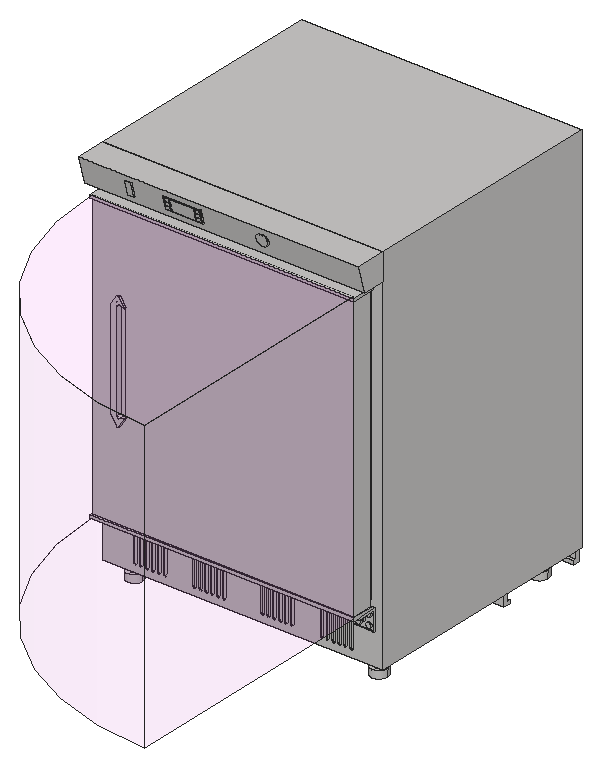
Revit family "QF_Kelvinator_738324_KCHUC23F", category Specialty Equipment, Revit 2021
Family settings
  Round Connector Dimension = Use Diameter
  Part Type = Normal
  Work Plane-Based = No
  Always vertical = Yes
  Cut with Voids When Loaded = No
  Shared = No
  Room Calculation Point = No
Parameters
  Weight in Pounds = 101.413
  Weight = 46.00 lbm
  Watts = 0 W
  Volts = 115 V
  URL Manufacturer = "KELVINATOR"
  URL Cutsheet = ""
  URL = "KELVINATOR"
  Specification by User = ""
  Specification by Manufacturer = ""
  Show Clearance [instance] = yes
  Serial Number = ""
  Seismic Rating = ""
  SMACNA No = ""
  Revision Code = ""
  Refrigerant Type = "R290"
  Phase = 1
  Number of Poles = 1
  NAFEM Spec ID Number = ""
  Model = "KCHUC23F"
  Min Ckt Ampacity = 0 A
  Max Overcurrent Protection = 0 A
  Masterspec = ""
  Manufacturer = "Kelvinator"
  Length Actual = 600"
  Length = 23.622"
  Item Number = "738324"
  Installed By = ""
  Identify Quantity as Lot = yes
  Height Actual = 839"
  Height = 33 1/16"
  HP = "0.3 HP"
  Gas KW = 0
  Furnished By = ""
  Foodservice Equipment Identifier = yes
  FL Amps = 2 A
  Electrical Remarks = ""
  Electric Connection Type = ""
  Elec Conn RI Height = 0"
  Elec Conn Connection Height = 0"
  Description = "1-SOLID DOOR ADA HEIGHT UNDER COUNTER FREEZER 24\" LONG"
  Depth Actual = 595"
  Depth = 23.425"
  Default Elevation = 0"
  Cycle = 60 Hz
  Conn Plug = "5-15P"
  Conn Conduit = yes
  CSI MasterFormat = ""
  Apparent Power = 0 VA
  Accessory = no
Reference planes (in)
  plane 1 "BACK": y = 0
  plane 2: z = 0
  plane 3 "LEFT": x = 0
  plane 4 "RIGHT": x = 23.622
  plane 5 "FRONT": y = -23.425
  plane 6 "TOP": z = 33.0625
  plane 7 "Center Y": x = 11.811
  plane 8 "Center X": y = -11.7125
Dimensions and locks (in)
  equal spacing: plane 3 "LEFT", plane 7 "Center Y", plane 4 "RIGHT"
  "Length": plane 3 "LEFT" to plane 4 "RIGHT"
  equal spacing: plane 5 "FRONT", plane 8 "Center X", plane 1 "BACK"
  "Depth": plane 5 "FRONT" to plane 1 "BACK"
  "Height": plane 6 "TOP" to level
  aligned and locked: level to plane 2
Nested families (in)
  nested 1: "KCHRI25R1DRE" at (0, 0, 0), Show Clearance <- "Show Clearance", type "KCHRI25R1DRE"
    with Show Clearance yes
Connectors (in)
  electrical at (11.8095, 0.13, 2.5), driven by "Volts", driven by "Watts"
    settings: on nested 1, index 1, voltage 115 V, apparent load 0 VA, apparent load phase1 0 VA, apparent load phase2 0 VA, apparent load phase3 0 VA, power factor 1, load classification "Other", number of poles 1, system type 30, power factor state 1, is connector primary yes, connector utility no, sub classification motor no, connector description ""
Definition of nested family "KCHRI25R1DRE"
  Parameters (values of type "KCHRI25R1DRE")
    Weight in Pounds = 0
    URL Cutsheet = ""
    Specification by User = ""
    Specification by Manufacturer = ""
    Show Clearance [instance] = yes
    Serial Number = ""
    Seismic Rating = ""
    SMACNA No = ""
    Revision Code = ""
    NAFEM Spec ID Number = ""
    Masterspec = ""
    Length = 23.622"
    Item Number = ""
    Installed By = ""
    Identify Quantity as Lot = yes
    Height = 33 1/32"
    Furnished By = ""
    Foodservice Equipment Identifier = yes
    Depth = 23.425"
    Default Elevation = 0"
    CSI MasterFormat = ""
  Reference planes (in)
    plane 1 "BACK": y = 0
    plane 2: z = 0
    plane 3 "LEFT": x = 0
    plane 4 "RIGHT": x = 23.622
    plane 5 "FRONT": y = -23.425
    plane 6 "TOP": z = 33.03125
    plane 7 "Center Y": x = 11.811
    plane 8 "Center X": y = -11.7125
    plane 9: y = -45.07
    plane 10: z = 30.79125
    plane 11: z = 2
    plane 12: y = -20.9
    plane 13: through (0, -24.04257, 35.33605) normal (0, 0.9659, 0.2588)
    plane 14: x = 23.625
    plane 15: y = -23.425
    plane 16: z = 33.0625
  Forms (in)
    Extrusion 1, solid
      sketch origin (0, 0, 0) x (0, 1, 0) y (0, 0, 1)
        loop
          line (-20.9, 33.0625) -> (-20.9, 1.5) -> (0, 1.5) -> (0, 33.0625) -> (-20.9, 33.0625)
      from 0 to 23.622
    Extrusion 2, solid
      sketch origin (0, -24.06683, 35.4266) x (0, -0.258819, 0.965926) y (1, 0, 0)
        loop
          line (-3.01321, 6.99599) -> (-3.01321, 10.1456) -> (-4.19431, 10.1456) -> (-4.19431, 6.99599) -> (-3.01321, 6.99599)
        loop
          line (-3.08986, 7.07473) -> (-3.08986, 7.46843) -> (-3.409, 7.46843) -> (-3.409, 7.07473) -> (-3.08986, 7.07473)
        loop
          line (-3.44419, 7.07473) -> (-3.44419, 7.46843) -> (-3.76333, 7.46843) -> (-3.76333, 7.07473) -> (-3.44419, 7.07473)
        loop
          line (-3.79852, 7.07473) -> (-3.79852, 7.46843) -> (-4.11766, 7.46843) -> (-4.11766, 7.07473) -> (-3.79852, 7.07473)
        loop
          line (-3.08986, 10.06686) -> (-3.409, 10.06686) -> (-3.409, 9.67316) -> (-3.08986, 9.67316) -> (-3.08986, 10.06686)
        loop
          line (-3.44419, 10.06686) -> (-3.76333, 10.06686) -> (-3.76333, 9.67316) -> (-3.44419, 9.67316) -> (-3.44419, 10.06686)
        loop
          line (-3.79852, 10.06686) -> (-4.11766, 10.06686) -> (-4.11766, 9.67316) -> (-3.79852, 9.67316) -> (-3.79852, 10.06686)
        loop
          line (-3.08986, 7.54592) -> (-3.08986, 9.59567) -> (-4.11377, 9.59567) -> (-4.11377, 7.54592) -> (-3.08986, 7.54592)
      from 0.07874 to -0.04602
    Extrusion 3, solid
      sketch origin (0, -24.06683, 35.4266) x (0, -0.258819, 0.965926) y (1, 0, 0)
        loop
          line (-3.08986, 9.67316) -> (-3.08986, 10.06686) -> (-3.409, 10.06686) -> (-3.409, 9.67316) -> (-3.08986, 9.67316)
        loop
          line (-3.44419, 9.67316) -> (-3.44419, 10.06686) -> (-3.76333, 10.06686) -> (-3.76333, 9.67316) -> (-3.44419, 9.67316)
        loop
          line (-3.79852, 9.67316) -> (-3.79852, 10.06686) -> (-4.11766, 10.06686) -> (-4.11766, 9.67316) -> (-3.79852, 9.67316)
        loop
          line (-3.08986, 7.46843) -> (-3.409, 7.46843) -> (-3.409, 7.07473) -> (-3.08986, 7.07473) -> (-3.08986, 7.46843)
        loop
          line (-3.44419, 7.46843) -> (-3.76333, 7.46843) -> (-3.76333, 7.07473) -> (-3.44419, 7.07473) -> (-3.44419, 7.46843)
        loop
          line (-3.79852, 7.46843) -> (-4.11766, 7.46843) -> (-4.11766, 7.07473) -> (-3.79852, 7.07473) -> (-3.79852, 7.46843)
      from 0 to -0.07874
    Extrusion 4, solid
      sketch origin (0, -24.06683, 35.4266) x (0, -0.258819, 0.965926) y (1, 0, 0)
        loop
          line (-3.08986, 7.54592) -> (-3.08986, 9.59567) -> (-4.11377, 9.59567) -> (-4.11377, 7.54592) -> (-3.08986, 7.54592)
      from 0 to -0.07874
    Extrusion 5, void
      sketch origin (0, -24.06683, 35.4266) x (0, 0.258819, -0.965926) y (1, 0, 0)
        loop
          line (3.01321, 6.99599) -> (4.19431, 6.99599) -> (4.19431, 10.1456) -> (3.01321, 10.1456) -> (3.01321, 6.99599)
      from 0 to -0.07874
    Extrusion 6, solid
      sketch origin (0, 0, -4.4425) x (0, 1, 0) y (0, 0, 1)
        loop
          line (-20.9, 37.505) -> (-23.43337, 37.505) -> (-22.82479, 35.23375) -> (-20.9, 35.23375) -> (-20.9, 37.505)
      from 0 to 23.625
    Extrusion 7, solid
      sketch origin (0, -24.06683, 35.4266) x (0, -0.258819, 0.965926) y (1, 0, 0)
        loop
          line (-2.96796, 3.80686) -> (-2.96796, 4.30686) -> (-4.21796, 4.30686) -> (-4.21796, 3.80686) -> (-2.96796, 3.80686)
        loop
          circle (-3.51997, 15.27975) r 0.5
      from -0.07874 to 0
    Extrusion 8, void
      sketch origin (0, -20.9, 1.75) x (0, 0, -1) y (-1, 0, 0)
        loop
          line (-0.5, -2.59375) -> (-3.3125, -2.59375)
          arc (-3.3125, -2.59375) -> (-3.4751, -2.75635) -> (-3.3125, -2.91894) r 0.1626
          line (-3.3125, -2.91894) -> (-0.5, -2.91894)
          arc (-0.5, -2.91894) -> (-0.3374, -2.75635) -> (-0.5, -2.59375) r 0.1626
        loop
          line (-0.5, -3.09225) -> (-3.3125, -3.09225)
          arc (-3.3125, -3.09225) -> (-3.47585, -3.2556) -> (-3.3125, -3.41894) r 0.16335
          line (-3.3125, -3.41894) -> (-0.5, -3.41894)
          arc (-0.5, -3.41894) -> (-0.33665, -3.2556) -> (-0.5, -3.09225) r 0.16335
        loop
          line (-0.5, -3.59225) -> (-3.3125, -3.59225)
          arc (-3.3125, -3.59225) -> (-3.47585, -3.7556) -> (-3.3125, -3.91894) r 0.16335
          line (-3.3125, -3.91894) -> (-0.5, -3.91894)
          arc (-0.5, -3.91894) -> (-0.33665, -3.7556) -> (-0.5, -3.59225) r 0.16335
        loop
          line (-0.5, -4.09225) -> (-3.3125, -4.09225)
          arc (-3.3125, -4.09225) -> (-3.47585, -4.2556) -> (-3.3125, -4.41894) r 0.16335
          line (-3.3125, -4.41894) -> (-0.5, -4.41894)
          arc (-0.5, -4.41894) -> (-0.33665, -4.2556) -> (-0.5, -4.09225) r 0.16335
        loop
          line (-0.5, -4.59225) -> (-3.3125, -4.59225)
          arc (-3.3125, -4.59225) -> (-3.47585, -4.7556) -> (-3.3125, -4.91894) r 0.16335
          line (-3.3125, -4.91894) -> (-0.5, -4.91894)
          arc (-0.5, -4.91894) -> (-0.33665, -4.7556) -> (-0.5, -4.59225) r 0.16335
        loop
          line (-0.5, -5.09225) -> (-3.3125, -5.09225)
          arc (-3.3125, -5.09225) -> (-3.47585, -5.2556) -> (-3.3125, -5.41894) r 0.16335
          line (-3.3125, -5.41894) -> (-0.5, -5.41894)
          arc (-0.5, -5.41894) -> (-0.33665, -5.2556) -> (-0.5, -5.09225) r 0.16335
        loop
          line (-0.5, -7.59225) -> (-3.3125, -7.59225)
          arc (-3.3125, -7.59225) -> (-3.47585, -7.7556) -> (-3.3125, -7.91894) r 0.16335
          line (-3.3125, -7.91894) -> (-0.5, -7.91894)
          arc (-0.5, -7.91894) -> (-0.33665, -7.7556) -> (-0.5, -7.59225) r 0.16335
        loop
          line (-0.5, -8.09225) -> (-3.3125, -8.09225)
          arc (-3.3125, -8.09225) -> (-3.47585, -8.2556) -> (-3.3125, -8.41894) r 0.16335
          line (-3.3125, -8.41894) -> (-0.5, -8.41894)
          arc (-0.5, -8.41894) -> (-0.33665, -8.2556) -> (-0.5, -8.09225) r 0.16335
        loop
          line (-0.5, -8.59225) -> (-3.3125, -8.59225)
          arc (-3.3125, -8.59225) -> (-3.47585, -8.7556) -> (-3.3125, -8.91894) r 0.16335
          line (-3.3125, -8.91894) -> (-0.5, -8.91894)
          arc (-0.5, -8.91894) -> (-0.33665, -8.7556) -> (-0.5, -8.59225) r 0.16335
        loop
          line (-0.5, -9.09225) -> (-3.3125, -9.09225)
          arc (-3.3125, -9.09225) -> (-3.47585, -9.2556) -> (-3.3125, -9.41894) r 0.16335
          line (-3.3125, -9.41894) -> (-0.5, -9.41894)
          arc (-0.5, -9.41894) -> (-0.33665, -9.2556) -> (-0.5, -9.09225) r 0.16335
        loop
          line (-0.5, -9.59225) -> (-3.3125, -9.59225)
          arc (-3.3125, -9.59225) -> (-3.47585, -9.7556) -> (-3.3125, -9.91894) r 0.16335
          line (-3.3125, -9.91894) -> (-0.5, -9.91894)
          arc (-0.5, -9.91894) -> (-0.33665, -9.7556) -> (-0.5, -9.59225) r 0.16335
        loop
          line (-0.5, -10.09225) -> (-3.3125, -10.09225)
          arc (-3.3125, -10.09225) -> (-3.47585, -10.2556) -> (-3.3125, -10.41894) r 0.16335
          line (-3.3125, -10.41894) -> (-0.5, -10.41894)
          arc (-0.5, -10.41894) -> (-0.33665, -10.2556) -> (-0.5, -10.09225) r 0.16335
        loop
          arc (-0.5, -21.15475) -> (-0.33665, -20.9914) -> (-0.5, -20.82806) r 0.16335
          line (-0.5, -20.82806) -> (-3.3125, -20.82806)
          arc (-3.3125, -20.82806) -> (-3.47585, -20.9914) -> (-3.3125, -21.15475) r 0.16335
          line (-3.3125, -21.15475) -> (-0.5, -21.15475)
        loop
          arc (-0.5, -20.65475) -> (-0.33665, -20.4914) -> (-0.5, -20.32806) r 0.16335
          line (-0.5, -20.32806) -> (-3.3125, -20.32806)
          arc (-3.3125, -20.32806) -> (-3.47585, -20.4914) -> (-3.3125, -20.65475) r 0.16335
          line (-3.3125, -20.65475) -> (-0.5, -20.65475)
        loop
          arc (-0.5, -20.15475) -> (-0.33665, -19.9914) -> (-0.5, -19.82806) r 0.16335
          line (-0.5, -19.82806) -> (-3.3125, -19.82806)
          arc (-3.3125, -19.82806) -> (-3.47585, -19.9914) -> (-3.3125, -20.15475) r 0.16335
          line (-3.3125, -20.15475) -> (-0.5, -20.15475)
        loop
          arc (-0.5, -19.65475) -> (-0.33665, -19.4914) -> (-0.5, -19.32806) r 0.16335
          line (-0.5, -19.32806) -> (-3.3125, -19.32806)
          arc (-3.3125, -19.32806) -> (-3.47585, -19.4914) -> (-3.3125, -19.65475) r 0.16335
          line (-3.3125, -19.65475) -> (-0.5, -19.65475)
        loop
          arc (-0.5, -19.15475) -> (-0.33665, -18.9914) -> (-0.5, -18.82806) r 0.16335
          line (-0.5, -18.82806) -> (-3.3125, -18.82806)
          arc (-3.3125, -18.82806) -> (-3.47585, -18.9914) -> (-3.3125, -19.15475) r 0.16335
          line (-3.3125, -19.15475) -> (-0.5, -19.15475)
        loop
          arc (-0.5, -18.65475) -> (-0.33665, -18.4914) -> (-0.5, -18.32806) r 0.16335
          line (-0.5, -18.32806) -> (-3.3125, -18.32806)
          arc (-3.3125, -18.32806) -> (-3.47585, -18.4914) -> (-3.3125, -18.65475) r 0.16335
          line (-3.3125, -18.65475) -> (-0.5, -18.65475)
        loop
          arc (-0.5, -16.15475) -> (-0.33665, -15.9914) -> (-0.5, -15.82806) r 0.16335
          line (-0.5, -15.82806) -> (-3.3125, -15.82806)
          arc (-3.3125, -15.82806) -> (-3.47585, -15.9914) -> (-3.3125, -16.15475) r 0.16335
          line (-3.3125, -16.15475) -> (-0.5, -16.15475)
        loop
          arc (-0.5, -15.65475) -> (-0.33665, -15.4914) -> (-0.5, -15.32806) r 0.16335
          line (-0.5, -15.32806) -> (-3.3125, -15.32806)
          arc (-3.3125, -15.32806) -> (-3.47585, -15.4914) -> (-3.3125, -15.65475) r 0.16335
          line (-3.3125, -15.65475) -> (-0.5, -15.65475)
        loop
          arc (-0.5, -15.15475) -> (-0.33665, -14.9914) -> (-0.5, -14.82806) r 0.16335
          line (-0.5, -14.82806) -> (-3.3125, -14.82806)
          arc (-3.3125, -14.82806) -> (-3.47585, -14.9914) -> (-3.3125, -15.15475) r 0.16335
          line (-3.3125, -15.15475) -> (-0.5, -15.15475)
        loop
          arc (-0.5, -14.65475) -> (-0.33665, -14.4914) -> (-0.5, -14.32806) r 0.16335
          line (-0.5, -14.32806) -> (-3.3125, -14.32806)
          arc (-3.3125, -14.32806) -> (-3.47585, -14.4914) -> (-3.3125, -14.65475) r 0.16335
          line (-3.3125, -14.65475) -> (-0.5, -14.65475)
        loop
          arc (-0.5, -14.15475) -> (-0.33665, -13.9914) -> (-0.5, -13.82806) r 0.16335
          line (-0.5, -13.82806) -> (-3.3125, -13.82806)
          arc (-3.3125, -13.82806) -> (-3.47585, -13.9914) -> (-3.3125, -14.15475) r 0.16335
          line (-3.3125, -14.15475) -> (-0.5, -14.15475)
        loop
          arc (-0.5, -13.65475) -> (-0.33665, -13.4914) -> (-0.5, -13.32806) r 0.16335
          line (-0.5, -13.32806) -> (-3.3125, -13.32806)
          arc (-3.3125, -13.32806) -> (-3.47585, -13.4914) -> (-3.3125, -13.65475) r 0.16335
          line (-3.3125, -13.65475) -> (-0.5, -13.65475)
      from 0 to 0.03
    Extrusion 9, solid
      sketch origin (0, 0, 0) x (0, 1, 0) y (0, 0, 1)
        loop
          line (-0.25, 1.5) -> (-0.55, 1.5) -> (-0.55, 0.9) -> (-0.85, 0.9) -> (-0.85, 0.6) -> (-0.25, 0.6) -> (-0.25, 1.5)
        loop
          line (-8.14417, 1.5) -> (-8.14417, 0.6) -> (-7.54417, 0.6) -> (-7.54417, 0.9) -> (-7.84417, 0.9) -> (-7.84417, 1.5) -> (-8.14417, 1.5)
      from 0 to 23.622
    Extrusion 10, solid
      sketch origin (11.811, 6.90541, 48.75) x (0, 1, 0) y (0, 0, 1)
        loop
          line (-28.19541, -18.96875) -> (-28.19541, -42.37723) -> (-27.80541, -42.37723) -> (-27.80541, -18.96875) -> (-28.19541, -18.96875)
      from -10.75 to 10.75
    Extrusion 11, solid
      sketch origin (23.225, -180, 5.74631) x (0, 0, 1) y (0, -1, 0)
        loop
          arc (0.13369, -157.44253) -> (0.06869, -157.37753) -> (0.00369, -157.44253) r 0.065
          line (0.00369, -157.44253) -> (0.00369, -158.97) -> (-1.53049, -158.97)
          arc (-1.53049, -158.97) -> (-1.59549, -159.035) -> (-1.53049, -159.1) r 0.065
          line (-1.53049, -159.1) -> (0.13369, -159.1) -> (0.13369, -157.44253)
      from -0.28875 to -1.93696
    Extrusion 12, solid
      sketch origin (23.225, -21.03, 5.88) x (0, 0, -1) y (1, 0, 0)
        loop
          circle (0.48805, -0.65854) r 0.19641
        loop
          circle (0.48805, -1.51195) r 0.2
        loop
          circle (1.33739, -0.65854) r 0.2
        loop
          circle (1.33739, -1.51195) r 0.2
        loop
          line (1.13, -1.16094) -> (1.13, -1.06477) -> (0.13, -1.06477) -> (0.13, -1.16094) -> (1.13, -1.16094)
      from 0 to 0.0825
    Extrusion 13, solid
      sketch origin (0, -20.9, 2.25) x (0, 0, 1) y (-1, 0, 0)
        loop
          circle (3.14195, -1.05854) r 0.19641
        loop
          circle (3.14195, -1.91195) r 0.2
        loop
          circle (2.29261, -1.05854) r 0.2
        loop
          circle (2.29261, -1.91195) r 0.2
      from 0 to 0.0825
    Revolve 14, solid
      sketch origin (0, -19.42, 1.5) x (0, 0, 1) y (1, 0, 0)
        loop
          line (0, 22.122) -> (0, 22.4345) -> (-0.9, 22.4345) -> (-0.9, 22.8095) -> (-1.5, 22.8095) -> (-1.5, 22.122) -> (0, 22.122)
        axis (-1.5, 22.122) -> (0, 22.122)
      angle from 0 to 360
    Revolve 15, solid
      sketch origin (23.625, -19.42, 1.5) x (0, 0, 1) y (1, 0, 0)
        loop
          line (0, -22.125) -> (-1.5, -22.125) -> (-1.5, -22.8125) -> (-0.9, -22.8125) -> (-0.9, -22.4375) -> (0, -22.4375) -> (0, -22.125)
        axis (-1.5, -22.125) -> (0, -22.125)
      angle from 0 to 360
    Revolve 16, solid
      sketch origin (0, -2.5, 1.5) x (0, 0, 1) y (-1, 0, 0)
        loop
          line (0, -22.122) -> (-1.5, -22.122) -> (-1.5, -22.8095) -> (-0.9, -22.8095) -> (-0.9, -22.4345) -> (0, -22.4345) -> (0, -22.122)
        axis (-1.5, -22.122) -> (0, -22.122)
      angle from 0 to 360
    Revolve 17, solid
      sketch origin (23.625, -2.5, 1.5) x (0, 0, 1) y (-1, 0, 0)
        loop
          line (0, 22.125) -> (0, 22.4375) -> (-0.9, 22.4375) -> (-0.9, 22.8125) -> (-1.5, 22.8125) -> (-1.5, 22.125) -> (0, 22.125)
        axis (-1.5, 22.125) -> (0, 22.125)
      angle from 0 to 360
    Extrusion 18, solid
      sketch origin (0, 0, 33.03125) x (0, 0, -1) y (-1, 0, 0)
        loop
          circle (30.53125, -11.8095) r 0.25
      from 0 to 0.13
  Cuts and joins
    Extrusion 5 cuts Extrusion 2
    Extrusion 8 cuts Extrusion 6
    Extrusion 8 cuts Extrusion 1
  Lines and regions (in)
    symbolic lines
      curve 1: line (0, -23.425, 0) -> (0, 0, 0)
      curve 2: line (23.622, 0, 0) -> (0, 0, 0)
      curve 3: line (23.622, -23.425, 0) -> (23.622, 0, 0)
      curve 4: line (23.622, -20.9, 0) -> (0, -20.9, 0)
      curve 5: line (0, -23.425, 0) -> (23.622, -23.425, 0)
      curve 6: line (3.80686, -23.485, 0) -> (4.30686, -23.485, 0)
      curve 7: line (4.30686, -23.485, 0) -> (4.30686, -23.425, 0)
      curve 8: line (3.80686, -23.485, 0) -> (3.80686, -23.425, 0)
      curve 9: line (6.65374, -23.47102, 0) -> (9.80185, -23.47102, 0)
      curve 10: line (9.80185, -23.47102, 0) -> (9.80185, -23.425, 0)
      curve 11: line (6.65374, -23.47102, 0) -> (6.65374, -23.425, 0)
      curve 12: line (11.311, -23.485, 0) -> (12.311, -23.485, 0)
      curve 13: line (12.311, -23.485, 0) -> (12.311, -23.425, 0)
      curve 14: line (11.311, -23.485, 0) -> (11.311, -23.425, 0)
  Dimensions and locks (in)
    equal spacing: plane 3 "LEFT", plane 7 "Center Y", plane 4 "RIGHT"
    "Length": plane 3 "LEFT" to plane 4 "RIGHT"
    equal spacing: plane 5 "FRONT", plane 8 "Center X", plane 1 "BACK"
    "Depth": plane 5 "FRONT" to plane 1 "BACK"
    "Height": plane 6 "TOP" to level
    plane 9 to plane 1 "BACK" = 45.07"
    plane 6 "TOP" to level = 33 1/32"
    plane 3 "LEFT" to plane 4 "RIGHT" = 23.622"
    plane 5 "FRONT" to plane 1 "BACK" = 23.425"
    plane 12 to plane 1 "BACK" = 20.9"
    plane 3 "LEFT" to plane 14 = 23 5/8"
    plane 1 "BACK" to plane 15 = 23.425"
    plane 16 to level = 33 1/16"
    aligned and locked: level to plane 2
    aligned and locked: Extrusion 9 to plane 4 "RIGHT"
    aligned and locked: plane 13 to cut or joined group of Extrusion 6, Extrusion 8
  Automatic sketch dimensions
    Extrusion 1 sketch curve to plane 12 = 0"
    Extrusion 1 sketch curve to plane 1 "BACK" = 0"
    plane 6 "TOP" to Extrusion 1 sketch curve = 1/32"
    level to Extrusion 1 sketch curve = 1 1/2"
    Extrusion 2 sketch curve to plane 7 "Center Y" = 4.81501"
    Extrusion 2 sketch curve to Extrusion 2 sketch curve = 0.07665"  (x3)
    Extrusion 2 sketch curve to Extrusion 2 sketch curve = 1/256"
    Extrusion 2 sketch curve to Extrusion 2 sketch curve = 0.31914"  (x6)
    Extrusion 2 sketch curve to Extrusion 2 sketch curve = 0.03519"  (x4)
    Extrusion 2 sketch curve to Extrusion 2 sketch curve = 0"  (x7)
    Extrusion 2 sketch curve to Extrusion 2 sketch curve = 0.07874"  (x3)
    Extrusion 2 sketch curve to Extrusion 2 sketch curve = 0.3937"  (x2)
    Extrusion 2 sketch curve to Extrusion 2 sketch curve = 0.07748"  (x3)
    Extrusion 2 sketch curve to Extrusion 2 sketch curve = 2.04976"
    Extrusion 3 sketch curve to plane 7 "Center Y" = 4.73627"
    Extrusion 3 sketch curve to Extrusion 3 sketch curve = 0"  (x9)
    Extrusion 3 sketch curve to Extrusion 3 sketch curve = 0.31914"  (x6)
    Extrusion 3 sketch curve to Extrusion 3 sketch curve = 0.03519"  (x4)
    Extrusion 3 sketch curve to Extrusion 3 sketch curve = 0.3937"  (x2)
    Extrusion 3 sketch curve to plane 7 "Center Y" = 2.13784"
    Extrusion 4 sketch curve to plane 7 "Center Y" = 4.26508"
    Extrusion 4 sketch curve to Extrusion 4 sketch curve = 1.02391"
    Extrusion 4 sketch curve to Extrusion 4 sketch curve = 2.04976"
    Extrusion 5 sketch curve to plane 7 "Center Y" = 1.6654"
    Extrusion 5 sketch curve to Extrusion 5 sketch curve = 1.1811"
    Extrusion 5 sketch curve to Extrusion 5 sketch curve = 3.14961"
    plane 3 "LEFT" to Extrusion 7 sketch curve = 4.30686"
    plane 7 "Center Y" to Extrusion 7 sketch curve = 3 15/32"
    Extrusion 7 sketch curve to Extrusion 7 sketch curve = 0.69799"
    Extrusion 7 sketch curve to Extrusion 7 sketch curve = 1 1/4"
    Extrusion 7 sketch curve to Extrusion 7 sketch curve = 1/2"
    plane 3 "LEFT" to Extrusion 8 sketch curve = 2 19/32"
    level to Extrusion 8 sketch curve = 5 1/16"  (x2)
    plane 7 "Center Y" to Extrusion 8 sketch curve = 1.6804"
    Extrusion 8 sketch curve to Extrusion 8 sketch curve = 0"  (x42)
    Extrusion 8 sketch curve to Extrusion 8 sketch curve = 2 13/16"  (x4)
    Extrusion 8 sketch curve to Extrusion 8 sketch curve = 0.16335"  (x23)
    Extrusion 8 sketch curve to Extrusion 8 sketch curve = 0.17331"  (x20)
    Extrusion 8 sketch curve to Extrusion 8 sketch curve = 2.17331"  (x2)
    Extrusion 8 sketch curve to plane 7 "Center Y" = 1.39206"
    level to Extrusion 9 sketch curve = 1 1/2"  (x2)
    plane 8 "Center X" to Extrusion 9 sketch curve = 3.56833"
    Extrusion 9 sketch curve to Extrusion 9 sketch curve = 0.3"  (x5)
    plane 1 "BACK" to Extrusion 9 sketch curve = 0.85"
    plane 1 "BACK" to Extrusion 9 sketch curve = 1/4"
    Extrusion 9 sketch curve to Extrusion 9 sketch curve = 0.6"  (x2)
    Extrusion 10 sketch curve to plane 12 = 0"
    Extrusion 10 sketch curve to Extrusion 10 sketch curve = 0.39"
    level to Extrusion 10 sketch curve = 6.37277"
    Extrusion 10 sketch curve to plane 6 "TOP" = 3 1/4"
    Extrusion 11 sketch curve to plane 12 = 0"
    Extrusion 11 sketch curve to plane 12 = 0.13"
    level to Extrusion 11 sketch curve = 4.21581"
    Extrusion 11 sketch curve to Extrusion 11 sketch curve = 1.53419"
    Extrusion 11 sketch curve to Extrusion 11 sketch curve = 0.065"
    Extrusion 11 sketch curve to plane 5 "FRONT" = 0.86753"
    Extrusion 12 sketch curve to Extrusion 11 = 0"
    Extrusion 11 to Extrusion 12 sketch curve = 0.35805"  (x2)
    Extrusion 12 sketch curve to Extrusion 11 = 0.53419"
    Extrusion 12 sketch curve to Extrusion 11 = 0.3268"  (x2)
    Extrusion 11 to Extrusion 12 sketch curve = 0.42502"  (x2)
    Extrusion 12 sketch curve to Extrusion 12 sketch curve = 0.351"
    Extrusion 12 sketch curve to Extrusion 12 sketch curve = 0.09617"
    Extrusion 11 to Extrusion 12 sketch curve = 0.36979"  (x2)
    Extrusion 1 to Extrusion 13 sketch curve = 1.05854"
    Extrusion 13 sketch curve to Extrusion 1 = 3.04261"
    Extrusion 13 sketch curve to Extrusion 13 sketch curve = 0"  (x3)
    Extrusion 13 sketch curve to Extrusion 13 sketch curve = 0.84934"  (x2)
    Extrusion 13 sketch curve to Extrusion 13 sketch curve = 0.8534"
    Revolve 14 sketch curve to level = 0"  (x2)
    level to Revolve 14 sketch curve = 0.6"
    Revolve 14 sketch curve to Revolve 14 sketch curve = 0.9"
    plane 4 "RIGHT" to Revolve 14 sketch curve = 1 1/2"
    Revolve 14 sketch curve to Revolve 14 sketch curve = 5/16"
    Revolve 14 sketch curve to Revolve 14 sketch curve = 11/16"
    Revolve 14 sketch curve to Revolve 14 sketch curve = 0.36907"
    Revolve 14 sketch curve to Revolve 14 sketch curve = 0"
    Revolve 15 sketch curve to level = 0"  (x2)
    level to Revolve 15 sketch curve = 0.6"
    Revolve 15 sketch curve to Revolve 15 sketch curve = 0.9"
    plane 3 "LEFT" to Revolve 15 sketch curve = 13/16"
    Revolve 15 sketch curve to Revolve 15 sketch curve = 3/8"
    Revolve 15 sketch curve to Revolve 15 sketch curve = 5/16"
    Revolve 15 sketch curve to Revolve 15 sketch curve = 0.36907"
    Revolve 15 sketch curve to Revolve 15 sketch curve = 0"
    Revolve 16 sketch curve to level = 0"  (x2)
    level to Revolve 16 sketch curve = 0.6"
    Revolve 16 sketch curve to Revolve 16 sketch curve = 0.9"
    plane 4 "RIGHT" to Revolve 16 sketch curve = 13/16"
    Revolve 16 sketch curve to Revolve 16 sketch curve = 3/8"
    Revolve 16 sketch curve to Revolve 16 sketch curve = 5/16"
    Revolve 16 sketch curve to Revolve 16 sketch curve = 0.36907"
    Revolve 16 sketch curve to Revolve 16 sketch curve = 0"
    Revolve 17 sketch curve to level = 0"  (x2)
    level to Revolve 17 sketch curve = 0.6"
    Revolve 17 sketch curve to Revolve 17 sketch curve = 0.9"
    plane 3 "LEFT" to Revolve 17 sketch curve = 1 1/2"
    Revolve 17 sketch curve to Revolve 17 sketch curve = 5/16"
    Revolve 17 sketch curve to Revolve 17 sketch curve = 11/16"
    Revolve 17 sketch curve to Revolve 17 sketch curve = 0.36907"
    Revolve 17 sketch curve to Revolve 17 sketch curve = 0"
    plane 1 "BACK" to curve 1 = 0"
    curve 1 to plane 3 "LEFT" = 0"
    plane 5 "FRONT" to curve 8 = 0"
    curve 3 to plane 4 "RIGHT" = 0"
    curve 4 to plane 12 = 0"
    plane 5 "FRONT" to curve 6 = 0.06"
    plane 3 "LEFT" to curve 6 = 3.80686"
    curve 6 to curve 7 = 1/2"
    plane 5 "FRONT" to curve 9 = 0.04602"
    curve 6 to curve 9 = 2.34688"
    curve 10 to plane 7 "Center Y" = 2.00915"
    plane 5 "FRONT" to curve 14 = 0.06"
    curve 14 to plane 7 "Center Y" = 1/2"
    plane 7 "Center Y" to curve 13 = 1/2"
    plane 5 "FRONT" to Extrusion 6 sketch curve = 0.00837"
    Extrusion 6 sketch curve to plane 10 = 0"
    plane 6 "TOP" to Extrusion 6 sketch curve = 1/32"
    Extrusion 6 sketch curve to plane 12 = 0"
    Extrusion 6 sketch curve to plane 5 "FRONT" = 0.60021"
    Extrusion 1 to Extrusion 18 sketch curve = 1"
    Extrusion 1 to Extrusion 18 sketch curve = 11 13/16"
    radius of Extrusion 7 sketch curve = 1/2"
    radius of Extrusion 12 sketch curve = 0.19641"
    radius of Extrusion 12 sketch curve = 0.2"  (x3)
    radius of Extrusion 13 sketch curve = 0.19641"
    radius of Extrusion 13 sketch curve = 0.2"  (x3)
    radius of Extrusion 18 sketch curve = 1/4"
  Nested families (in)
    nested 1: "Family4" at (0.7825, -21.29, 5.88), Show Clearance <- "Show Clearance", type "Family4"
  Definition of nested family "Family4"
    Parameters (values of type "Family4")
      Weight in Pounds = 0
      URL Cutsheet = ""
      Specification by User = ""
      Specification by Manufacturer = ""
      Show Clearance [instance] = yes
      Serial Number = ""
      Seismic Rating = ""
      SMACNA No = ""
      Revision Code = ""
      NAFEM Spec ID Number = ""
      Masterspec = ""
      Length = 22.06"
      Item Number = ""
      Installed By = ""
      Identify Quantity as Lot = yes
      Height = 24 51/128"
      Furnished By = ""
      Foodservice Equipment Identifier = yes
      Depth = 1.72"
      Default Elevation = 0"
      CSI MasterFormat = ""
    Reference planes (in)
      plane 1 "BACK": y = 0
      plane 2: z = 0
      plane 3 "LEFT": x = 0
      plane 4 "RIGHT": x = 22.06
      plane 5 "FRONT": y = -1.72
      plane 6 "TOP": z = 24.39844
      plane 7 "Center Y": x = 11.03
      plane 8 "Center X": y = -0.86
      plane 9: y = -2.27
    Forms (in)
      Extrusion 1, solid
        sketch origin (0, 0, 0) x (1, 0, 0) y (0, 0, 1)
          loop
            line (0, 24.39844) -> (0, 0) -> (22.06, 0) -> (22.06, 24.39844) -> (0, 24.39844)
        from 0 to 1.72
      Extrusion 2, void
        sketch origin (0, -1.72, -17.62578) x (-1, 0, 0) y (0, 0, 1)
          loop
            line (-1.94791, 26.10318) -> (-1.94791, 34.45318) -> (-2.28604, 34.99418)
            arc (-2.28604, 34.99418) -> (-2.38541, 35.04926) -> (-2.48479, 34.99418) r 0.11719
            line (-2.48479, 34.99418) -> (-2.82291, 34.45318) -> (-2.82291, 26.10318) -> (-2.48621, 25.56446)
            arc (-2.48621, 25.56446) -> (-2.38541, 25.50859) -> (-2.28462, 25.56446) r 0.11887
            line (-2.28462, 25.56446) -> (-1.94791, 26.10318)
        from 0 to 0.31887
      Extrusion 3, solid
        sketch origin (-10.88143, -0.86, 48) x (-1, 0, 0) y (0, 0, 1)
          loop
            line (-10.78768, -23.60156) -> (-33.03518, -23.60156) -> (-33.03518, -23.85156) -> (-10.78768, -23.85156) -> (-10.78768, -23.60156)
          loop
            line (-10.78768, -48) -> (-10.78768, -47.75) -> (-33.03518, -47.75) -> (-33.03518, -48) -> (-10.78768, -48)
        from -1 to 1
      Extrusion 4, solid
        sketch origin (0, -1.40113, -17.62578) x (1, 0, 0) y (0, 0, 1)
          loop
            arc (2.35979, 35.19418) -> (2.26041, 35.24926) -> (2.16104, 35.19418) r 0.11719
            line (2.16104, 35.19418) -> (1.69791, 34.45318) -> (1.69791, 26.10316) -> (2.15961, 25.36448)
            arc (2.15961, 25.36448) -> (2.26037, 25.30863) -> (2.36114, 25.36447) r 0.11884
            line (2.36114, 25.36447) -> (2.82291, 26.10316) -> (2.33995, 25.97375) -> (2.16317, 26.15053) -> (2.16317, 34.40581) -> (2.33995, 34.58259) -> (2.82291, 34.45318) -> (2.35979, 35.19418)
        from 0 to 0.45887
      Extrusion 5, solid, visible <- "Show Clearance"
        sketch origin (0, 0, 0) x (1, 0, 0) y (0, 1, 0)
          loop
            arc (0, -1.72) -> (6.46122, -17.31878) -> (22.06, -23.78) r 22.06
            line (22.06, -23.78) -> (22.06, -1.72) -> (0, -1.72)
        from 0 to 24.39844
    Cuts and joins
      Extrusion 2 cuts Extrusion 1
      joined: Extrusion 1, Extrusion 3
    Lines and regions (in)
      symbolic lines, visible <- "Show Clearance"
        curve 1: arc (0.00686, -2.27, 0) -> (0.86335, -7.83111, 0) -> (3.09883, -12.99465, 0) r 22.06
        curve 2: line (21.13504, -2.27, 0) -> (3.09883, -12.99465, 0)
    Dimensions and locks (in)
      equal spacing: plane 3 "LEFT", plane 7 "Center Y", plane 4 "RIGHT"
      "Length": plane 3 "LEFT" to plane 4 "RIGHT"
      equal spacing: plane 5 "FRONT", plane 8 "Center X", plane 1 "BACK"
      "Depth": plane 5 "FRONT" to plane 1 "BACK"
      "Height": plane 6 "TOP" to level
      plane 4 "RIGHT" to plane 3 "LEFT" = 22.06"
      plane 5 "FRONT" to plane 1 "BACK" = 1.72"
      aligned and locked: level to plane 2
    Automatic sketch dimensions
      Extrusion 1 sketch curve to level = 0"
      Extrusion 1 sketch curve to plane 3 "LEFT" = 0"
      plane 4 "RIGHT" to Extrusion 1 sketch curve = 0"
      Extrusion 1 sketch curve to plane 6 "TOP" = 0"
      Extrusion 2 sketch curve to Extrusion 1 = 1.94791"
      Extrusion 2 sketch curve to Extrusion 2 sketch curve = 0.3367"  (x2)
      Extrusion 2 sketch curve to Extrusion 2 sketch curve = 0.33813"
      Extrusion 2 sketch curve to Extrusion 2 sketch curve = 0.1008"  (x2)
      Extrusion 2 sketch curve to Extrusion 2 sketch curve = 0.09937"  (x2)
      Extrusion 2 sketch curve to Extrusion 1 = 7.93868"
      Extrusion 2 sketch curve to Extrusion 2 sketch curve = 0.063"
      Extrusion 2 sketch curve to Extrusion 2 sketch curve = 0.53872"  (x2)
      Extrusion 2 sketch curve to Extrusion 2 sketch curve = 8.35"
      Extrusion 2 sketch curve to Extrusion 2 sketch curve = 0"
      Extrusion 2 sketch curve to Extrusion 2 sketch curve = 0.47889"
      Extrusion 2 sketch curve to Extrusion 2 sketch curve = 0.06211"
      Extrusion 3 sketch curve to plane 6 "TOP" = 0"
      Extrusion 3 sketch curve to level = 0"
      Extrusion 3 sketch curve to plane 4 "RIGHT" = 3/32"  (x2)
      Extrusion 3 sketch curve to plane 3 "LEFT" = 3/32"  (x2)
      level to Extrusion 3 sketch curve = 1/4"
      Extrusion 3 sketch curve to Extrusion 3 sketch curve = 1/4"
      Extrusion 2 to Extrusion 4 sketch curve = 0"  (x2)
      Extrusion 4 sketch curve to Extrusion 2 = 0"  (x2)
      Extrusion 2 to Extrusion 4 sketch curve = 0.41323"
      Extrusion 2 to Extrusion 4 sketch curve = 0.41187"
      Extrusion 2 to Extrusion 4 sketch curve = 0.39204"  (x2)
      Extrusion 4 sketch curve to Extrusion 4 sketch curve = 0.09937"  (x2)
      Extrusion 4 sketch curve to Extrusion 4 sketch curve = 0.10077"  (x2)
      Extrusion 2 to Extrusion 4 sketch curve = 0.21526"
      Extrusion 4 sketch curve to Extrusion 2 = 1/4"
      Extrusion 4 sketch curve to Extrusion 4 sketch curve = 0.04737"  (x4)
      Extrusion 4 sketch curve to Extrusion 4 sketch curve = 8.25528"
      Extrusion 4 sketch curve to Extrusion 4 sketch curve = 0.17678"  (x2)
      Extrusion 4 sketch curve to Extrusion 4 sketch curve = 0.54629"
      Extrusion 4 sketch curve to Extrusion 4 sketch curve = 0.06298"
      Extrusion 4 sketch curve to Extrusion 4 sketch curve = 0.06211"
      Extrusion 5 sketch curve to plane 3 "LEFT" = 0"
      Extrusion 5 sketch curve to plane 4 "RIGHT" = 0"
      plane 5 "FRONT" to Extrusion 5 sketch curve = 0"
      curve 1 to plane 9 = 0"
      curve 2 to plane 9 = 0"
      curve 1 to plane 4 "RIGHT" = 0"
      plane 5 "FRONT" to curve 1 = 0"
      plane 3 "LEFT" to curve 2 = 3.09883"
      curve 2 to plane 9 = 10.72465"
      plane 4 "RIGHT" to curve 2 = 0.92496"
